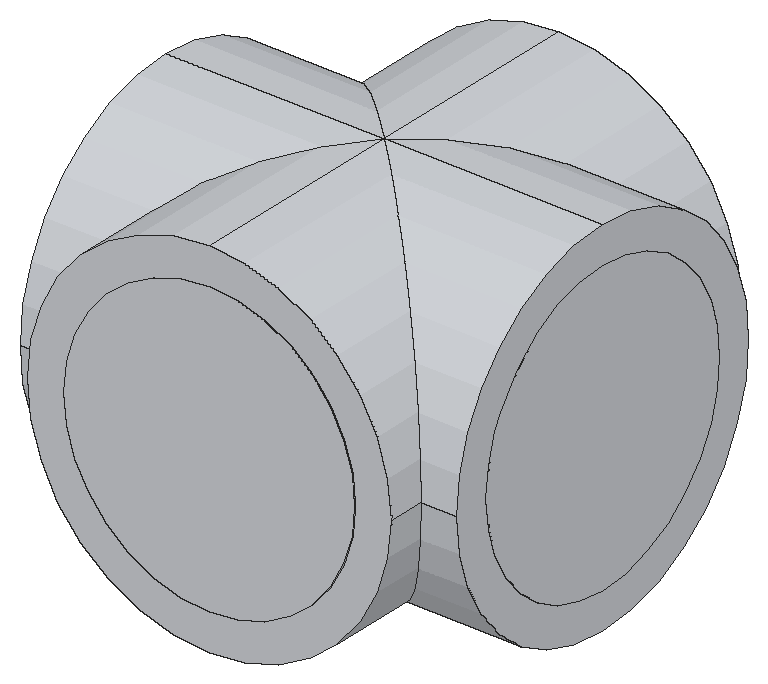
Revit family "Round-Duct-Cross-w-KoolDuct-Insulation-System", category Duct Fittings, Revit 2026
Family settings
  Round Connector Dimension = Use Radius
  Part Type = Cross
  Classification Number = 23.75.70.14
  Work Plane-Based = No
  Always vertical = Yes
  Cut with Voids When Loaded = No
  Shared = No
Parameters (values of type "KoolDuct Duct")
  built-in parameter 1114242 [instance] = (empty or 0)
  URL = "http://www.trustgreenguard.com/hvac-ductwork/kingspan-koolduct-system/"
  Type Comments = ""
  Specification = "http://www.arcat.com/sdspecs/htm04/23_31_00ksp.htm"
  Shoulder [instance] = 3"
  Sales Information = "http://www.trustgreenguard.com/contact/"
  Revision = "R1_2016-10"
  Radius4 [instance] = 6"
  Radius3 [instance] = 6"
  Radius1 [instance] = 6"
  Product Properties = "http://www.trustgreenguard.com/knowledge-base/ductwork/"
  Product Data = "http://www.arcat.com/arcatcos/cos49/arc49893.html"
  Model = "Round Duct Cross w/ KoolDuct Insulation"
  Manufacturer Website = "http://www.trustgreenguard.com/hvac-ductwork/kingspan-koolduct-system/"
  Manufacturer Phone - Toll Free = "800-241-4402"
  Manufacturer Phone = "678-589-7300"
  Manufacturer Fax = "678-589-7325"
  Manufacturer Address = "2100 RiverEdge Pkwy. Suite 175; Atlanta; GA 30328"
  Manufacturer = "Kingspan Insulation LLC"
  Lining Thickness [instance] = 0"
  Lining Diameter4 [instance] = Diameter4 - 2 * Lining Thickness  # 12"
  Lining Diameter3 [instance] = Diameter3 - 2 * Lining Thickness  # 12"
  Lining Diameter1 [instance] = Diameter1 - 2 * Lining Thickness  # 12"
  Length3 [instance] = Radius1 + Shoulder  # 9"
  Length1 [instance] = if(Radius3 > Radius4, Radius3 + Shoulder, Radius4 + Shoulder)  # 9"
  Keynote = "23 07 19"
  Insulation Thickness = 1 1/2"
  Insulation Diameter3 [instance] = Diameter3 + 2 * Insulation Thickness  # 15"
  Insulation Diameter1 [instance] = Diameter1 + 2 * Insulation Thickness  # 15"
  Insulation Diameter4 [instance] = Diameter4 + 2 * Insulation Thickness  # 15"
  Installation-Fabrication = "http://www.trustgreenguard.com/knowledge-base/ductwork/"
  Drawn By = "Sumex Design / Robert S Weygant"
  Diameter4 [instance] = Radius4 * 2  # 12"
  Diameter3 [instance] = Radius3 * 2  # 12"
  Diameter1 [instance] = Radius1 * 2  # 12"
  Description = "Round Duct Cross w/ KoolDuct Insulation System"
  Default Elevation = 0' - 0"
  Cost = 0
  Copyright = "� 2016 ARCAT Inc."
  Construction Details = "http://www.arcat.com/details/kinginsu/kinginsu.html?coid=49893"
  Assembly Code = "D3040100"
Reference planes (in)
  plane 1 "Center (Front/Back)": y = 0
  plane 2: z = 0
  plane 3 "Center (Left/Right)": x = 0
  plane 4: y = 9
  plane 5: y = -9
  plane 6: x = -9
  plane 7: x = 9
Forms (in)
  Sweep 1, solid, detail levels medium+fine
    path in 3D
      loop
        line (-9, 0, 0) -> (0, 0, 0)
    profile "Duct - Round : Duct - Round" origin (-4.5, 0, 0) x (0, 1, 0) y (0, 0, 1)
      loop
        arc (-6, 0) -> (-4.24264, -4.24264) -> (0, -6) r 6
        arc (0, -6) -> (4.24264, -4.24264) -> (6, 0) r 6
        arc (6, 0) -> (4.24264, 4.24264) -> (0, 6) r 6
        arc (0, 6) -> (-4.24264, 4.24264) -> (-6, 0) r 6
  Sweep 2, solid, detail levels medium+fine
    path in 3D
      loop
        line (0, 0, 0) -> (9, 0, 0)
    profile "Duct - Round : Duct - Round" origin (4.5, 0, 0) x (0, 1, 0) y (0, 0, 1)
      loop
        arc (-6, 0) -> (-4.24264, -4.24264) -> (0, -6) r 6
        arc (0, -6) -> (4.24264, -4.24264) -> (6, 0) r 6
        arc (6, 0) -> (4.24264, 4.24264) -> (0, 6) r 6
        arc (0, 6) -> (-4.24264, 4.24264) -> (-6, 0) r 6
  Sweep 3, solid, detail levels medium+fine
    path in 3D
      loop
        line (0, 9, 0) -> (0, 0, 0)
    profile "Duct - Round : Duct - Round 3" origin (0, 4.5, 0) x (1, 0, 0) y (0, 0, 1)
      loop
        arc (-6, 0) -> (-4.24264, -4.24264) -> (0, -6) r 6
        arc (0, -6) -> (4.24264, -4.24264) -> (6, 0) r 6
        arc (6, 0) -> (4.24264, 4.24264) -> (0, 6) r 6
        arc (0, 6) -> (-4.24264, 4.24264) -> (-6, 0) r 6
  Sweep 4, solid, detail levels medium+fine
    path in 3D
      loop
        line (0, -9, 0) -> (0, 0, 0)
    profile "Duct - Round : Duct - Round 4" origin (0, -4.5, 0) x (-1, 0, 0) y (0, 0, 1)
      loop
        arc (-6, 0) -> (-4.24264, -4.24264) -> (0, -6) r 6
        arc (0, -6) -> (4.24264, -4.24264) -> (6, 0) r 6
        arc (6, 0) -> (4.24264, 4.24264) -> (0, 6) r 6
        arc (0, 6) -> (-4.24264, 4.24264) -> (-6, 0) r 6
  Sweep 5, solid, detail levels medium+fine
    path in 3D
      loop
        line (-9, 0, 0) -> (0, 0, 0)
    profile "Duct - Round : Duct - Insulation" origin (-4.5, 0, 0) x (0, 1, 0) y (0, 0, 1)
      loop
        arc (-7.5, 0) -> (-5.3033, -5.3033) -> (0, -7.5) r 7.5
        arc (0, -7.5) -> (5.3033, -5.3033) -> (7.5, 0) r 7.5
        arc (7.5, 0) -> (5.3033, 5.3033) -> (0, 7.5) r 7.5
        arc (0, 7.5) -> (-5.3033, 5.3033) -> (-7.5, 0) r 7.5
  Sweep 6, solid, detail levels medium+fine
    path in 3D
      loop
        line (0, 0, 0) -> (9, 0, 0)
    profile "Duct - Round : Duct - Insulation" origin (4.5, 0, 0) x (0, 1, 0) y (0, 0, 1)
      loop
        arc (-7.5, 0) -> (-5.3033, -5.3033) -> (0, -7.5) r 7.5
        arc (0, -7.5) -> (5.3033, -5.3033) -> (7.5, 0) r 7.5
        arc (7.5, 0) -> (5.3033, 5.3033) -> (0, 7.5) r 7.5
        arc (0, 7.5) -> (-5.3033, 5.3033) -> (-7.5, 0) r 7.5
  Sweep 7, solid, detail levels medium+fine
    path in 3D
      loop
        line (0, 9, 0) -> (0, 0, 0)
    profile "Duct - Round : Duct - Insulation 3" origin (0, 4.5, 0) x (1, 0, 0) y (0, 0, 1)
      loop
        arc (-7.5, 0) -> (-5.3033, -5.3033) -> (0, -7.5) r 7.5
        arc (0, -7.5) -> (5.3033, -5.3033) -> (7.5, 0) r 7.5
        arc (7.5, 0) -> (5.3033, 5.3033) -> (0, 7.5) r 7.5
        arc (0, 7.5) -> (-5.3033, 5.3033) -> (-7.5, 0) r 7.5
  Sweep 8, solid, detail levels medium+fine
    path in 3D
      loop
        line (0, -9, 0) -> (0, 0, 0)
    profile "Duct - Round : Duct - Insulation 4" origin (0, -4.5, 0) x (-1, 0, 0) y (0, 0, 1)
      loop
        arc (-7.5, 0) -> (-5.3033, -5.3033) -> (0, -7.5) r 7.5
        arc (0, -7.5) -> (5.3033, -5.3033) -> (7.5, 0) r 7.5
        arc (7.5, 0) -> (5.3033, 5.3033) -> (0, 7.5) r 7.5
        arc (0, 7.5) -> (-5.3033, 5.3033) -> (-7.5, 0) r 7.5
  Sweep 9, solid, detail levels medium+fine
    path in 3D
      loop
        line (-9, 0, 0) -> (0, 0, 0)
    profile "Duct - Round : Duct - Lining" origin (-4.5, 0, 0) x (0, 1, 0) y (0, 0, 1)
      loop
        arc (-6, 0) -> (-4.24264, -4.24264) -> (0, -6) r 6
        arc (0, -6) -> (4.24264, -4.24264) -> (6, 0) r 6
        arc (6, 0) -> (4.24264, 4.24264) -> (0, 6) r 6
        arc (0, 6) -> (-4.24264, 4.24264) -> (-6, 0) r 6
  Sweep 10, solid, detail levels medium+fine
    path in 3D
      loop
        line (0, 0, 0) -> (9, 0, 0)
    profile "Duct - Round : Duct - Lining" origin (4.5, 0, 0) x (0, 1, 0) y (0, 0, 1)
      loop
        arc (-6, 0) -> (-4.24264, -4.24264) -> (0, -6) r 6
        arc (0, -6) -> (4.24264, -4.24264) -> (6, 0) r 6
        arc (6, 0) -> (4.24264, 4.24264) -> (0, 6) r 6
        arc (0, 6) -> (-4.24264, 4.24264) -> (-6, 0) r 6
  Sweep 11, solid, detail levels medium+fine
    path in 3D
      loop
        line (0, 9, 0) -> (0, 0, 0)
    profile "Duct - Round : Duct - Lining 3" origin (0, 4.5, 0) x (1, 0, 0) y (0, 0, 1)
      loop
        arc (-6, 0) -> (-4.24264, -4.24264) -> (0, -6) r 6
        arc (0, -6) -> (4.24264, -4.24264) -> (6, 0) r 6
        arc (6, 0) -> (4.24264, 4.24264) -> (0, 6) r 6
        arc (0, 6) -> (-4.24264, 4.24264) -> (-6, 0) r 6
  Sweep 12, solid, detail levels medium+fine
    path in 3D
      loop
        line (0, -9, 0) -> (0, 0, 0)
    profile "Duct - Round : Duct - Lining 4" origin (0, -4.5, 0) x (-1, 0, 0) y (0, 0, 1)
      loop
        arc (-6, 0) -> (-4.24264, -4.24264) -> (0, -6) r 6
        arc (0, -6) -> (4.24264, -4.24264) -> (6, 0) r 6
        arc (6, 0) -> (4.24264, 4.24264) -> (0, 6) r 6
        arc (0, 6) -> (-4.24264, 4.24264) -> (-6, 0) r 6
Cuts and joins
  joined: Sweep 1, Sweep 2, Sweep 3, Sweep 4
  joined: Sweep 5, Sweep 6, Sweep 7, Sweep 8
  joined: Sweep 9, Sweep 10, Sweep 11, Sweep 12
Lines and regions (in)
  reference lines
    curve 1: line (-9, 0, 0) -> (0, 0, 0)
    curve 2: line (0, 0, 0) -> (9, 0, 0)
    curve 3: line (0, 9, 0) -> (0, 0, 0)
    curve 4: line (0, -9, 0) -> (0, 0, 0)
  sketch lines
    curve 5: line (-9, 0, 0) -> (0, 0, 0)
    curve 6: line (0, 0, 0) -> (9, 0, 0)
    curve 7: line (0, 9, 0) -> (0, 0, 0)
    curve 8: line (0, -9, 0) -> (0, 0, 0)
    curve 9: line (-9, 0, 0) -> (0, 0, 0)
    curve 10: line (0, 0, 0) -> (9, 0, 0)
    curve 11: line (0, 9, 0) -> (0, 0, 0)
    curve 12: line (0, -9, 0) -> (0, 0, 0)
    curve 13: line (-9, 0, 0) -> (0, 0, 0)
    curve 14: line (0, 0, 0) -> (9, 0, 0)
    curve 15: line (0, 9, 0) -> (0, 0, 0)
    curve 16: line (0, -9, 0) -> (0, 0, 0)
  model lines, style "DuctFitting", detail levels coarse
    curve 17: line (-9, 0, 0) -> (0, 0, 0)
    curve 18: line (0, 0, 0) -> (9, 0, 0)
    curve 19: line (0, 9, 0) -> (0, 0, 0)
    curve 20: line (0, -9, 0) -> (0, 0, 0)
Dimensions and locks (in)
  equal spacing: plane 6, plane 3 "Center (Left/Right)", plane 7
  equal spacing: plane 5, plane 1 "Center (Front/Back)", plane 4
  "Length1": plane 6 to plane 3 "Center (Left/Right)"
  "Length3": plane 1 "Center (Front/Back)" to plane 4
  aligned and locked: plane 3 "Center (Left/Right)" to curve 1
  aligned and locked: plane 6 to curve 1
  aligned and locked: plane 1 "Center (Front/Back)" to curve 1
  aligned and locked: plane 7 to curve 2
  aligned and locked: plane 1 "Center (Front/Back)" to curve 2
  aligned and locked: plane 5 to curve 4
  aligned and locked: plane 3 "Center (Left/Right)" to curve 4
  aligned and locked: plane 4 to curve 3
  aligned and locked: curve 3 to plane 3 "Center (Left/Right)"
  aligned and locked: curve 17 to curve 1
  aligned and locked: curve 18 to curve 2
  aligned and locked: curve 19 to curve 3
  aligned and locked: curve 20 to curve 4
Automatic sketch dimensions
  curve 17 to plane 6 = 0' - 0"
  curve 18 to plane 7 = 0' - 0"
  curve 19 to plane 4 = 0' - 0"
  curve 20 to plane 5 = 0' - 0"
Connectors (in)
  hvac at (-9, 0, 0), driven by "Radius1"
    settings: on cut or joined group of Sweep 1, Sweep 2, Sweep 3, Sweep 4, index 1, duct flow 0 CFM, flow factor 0, pres drop 0.00 in-wg, loss coef 0, conn angle 0.00°, conn width 12", conn height 12", conn diameter 12", duct sys type 28, conn prof type 0, flow config 0, flow direction 0, loss method 0, conn ref index -1, conn util no, is conn primary no, conn desc ""
  hvac at (9, 0, 0), driven by "Radius1"
    settings: on cut or joined group of Sweep 1, Sweep 2, Sweep 3, Sweep 4, index 2, duct flow 0 CFM, flow factor 0, pres drop 0.00 in-wg, loss coef 0, conn angle 0.00°, conn width 12", conn height 12", conn diameter 12", duct sys type 28, conn prof type 0, flow config 0, flow direction 0, loss method 0, conn ref index -1, conn util no, is conn primary no, conn desc ""
  hvac at (0, 9, 0), driven by "Radius3"
    settings: on cut or joined group of Sweep 1, Sweep 2, Sweep 3, Sweep 4, index 3, duct flow 0 CFM, flow factor 0, pres drop 0.00 in-wg, loss coef 0, conn angle 0.00°, conn width 12", conn height 12", conn diameter 12", duct sys type 28, conn prof type 0, flow config 0, flow direction 0, loss method 0, conn ref index -1, conn util no, is conn primary no, conn desc ""
  hvac at (0, -9, 0), driven by "Radius4"
    settings: on cut or joined group of Sweep 1, Sweep 2, Sweep 3, Sweep 4, index 4, duct flow 0 CFM, flow factor 0, pres drop 0.00 in-wg, loss coef 0, conn angle 0.00°, conn width 12", conn height 12", conn diameter 12", duct sys type 28, conn prof type 0, flow config 0, flow direction 0, loss method 0, conn ref index -1, conn util no, is conn primary yes, conn desc ""
